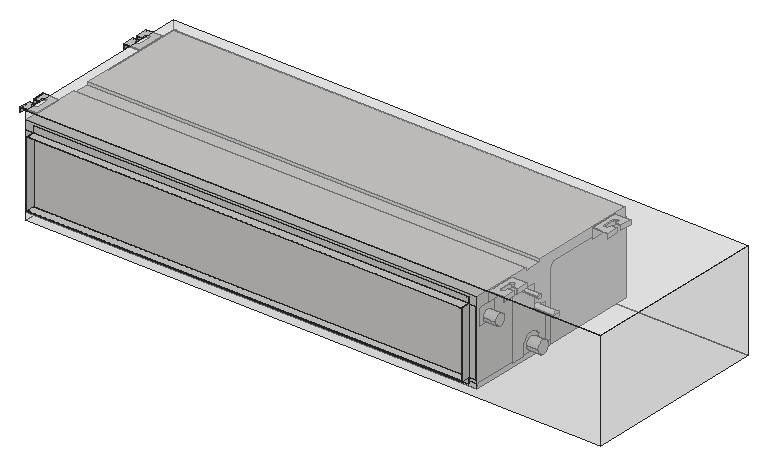
Revit family "outputfile", category 機械設備, Revit 2024
Family settings
  丸型コネクタ寸法 = 半径を使用
  パーツ タイプ = 標準
  OmniClass 番号 = 23.75.10.24.21.27.27
  OmniClass タイトル = Split System Air Conditioning Units
  作業面ベース = いいえ
  常に垂直 = はい
  ロード時にボイドで切り取り = いいえ
  注釈の向きを維持 = いいえ
  共有 = いいえ
  部屋計算ポイント = はい
Parameters (values of type "FXDQ63SPV1")
  Description = ""
  製造元 = "Daikin"
  書き出し IFC クラス(タイプ) = "IfcUnitaryEquipmentType"
  定義済み IFC タイプ(タイプ) = "AIRCONDITIONINGUNIT"
  Cost = 0
  モデル = "FXDQ63SPV1"
  Type Comments = ""
  Keynote = ""
  Type Image = (empty or 0)
  Assembly Code = ""
  w_pipe = 33.0 mm
  r_Liquid Pipe Size = Liquid Pipe Size / 2  # 4.75 mm
  r_Gas Pipe Size = Gas Pipe Size / 2  # 7.95 mm
  r_Drain Pipe Size = Drain Pipe Size / 2  # 10.0 mm
  lw_powersupply = 504.0 mm
  lw_ductflange2 = 1030.0 mm
  lw_clearancespace = 1400.0 mm
  lw_Width = 1060.0 mm
  lh_suctionflange [instance] = if(Rear Connection_Return Air, 100.0 mm, 190.0 mm)  # 100.0 mm
  lh_liquidpipe = 154.5 mm
  ld_suctionflange [instance] = if(Rear Connection_Return Air, 190.0 mm, 100.0 mm)  # 190.0 mm
  ld_powersupply = 60.0 mm
  angle_vertical_RA [instance] = if(Rear Connection_Return Air, 90.00°, 0.00°)  # 90.00°
  angle horizontal_RA [instance] = if(Rear Connection_Return Air, 180.00°, 270.00°)  # 180.00°
  Voltage_comment_50Hz = "220-240"
  Voltage_50Hz = 230 V
  URL = ""
  Supply Air Direction [instance] = yes
  Sound Power Level_H speed (dB) = 0
  Rear Connection_Return Air [instance] = not(Bottom Connection_Return Air)  # yes
  RA_length = 190.0 mm  # constant formula
  Phase_50Hz = 1
  Minimum External Static Pressure = 20.00 Pa
  Minimum Circuit Amps_50Hz = 1.2 A
  Maximum Fuse Amps_50Hz = 16.0 A
  Maximum External Static Pressure = 40.00 Pa
  Material_Casing = DAIKIN_GalvanizedSteel_Casing_indoorunit
  lw_liquidpipe = 39.2 mm  # constant formula
  lw_gaspipe = 50.6 mm  # constant formula
  lw_mountinghole_pitch = 1140.0 mm
  lw_mountinghole = 20.0 mm  # constant formula
  lw_drainpipe = 33.0 mm  # constant formula
  lh_powersupply = 10.0 mm
  lh_gaspipe = 102.0 mm
  lh_mountinghole = Height + [h***]  # 200.0 mm
  lh_drainpipe = 150.0 mm
  lh_antena = 1.0 mm  # constant formula
  ld_liquidpipe = 193.0 mm  # constant formula
  ld_gaspipe = 130.0 mm  # constant formula
  ld_mountinghole_pitch = 0.0 mm  # constant formula
  ld_drainpipe = 280.0 mm
  ld_controlbox = 626.0 mm  # constant formula
  h*** = 0.0 mm  # constant formula
  d_dischargeflange = 21.2 mm  # constant formula
  Width = 1100.0 mm
  Version = "ver.1.0"
  Unit Type = "Slim Duct (Standard) Type"
  Unit Mass Weight = 23.00 kg
  Unit Designation [instance] = ""
  Uniclass2015Version = "Products v1.30"
  Uniclass2015Title = "Variable refrigerant flow units"
  Uniclass2015Code = "Pr_70_65_03_94"
  Total Heating Capacity [instance] = 0.000 kW
  Total Cooling Capacity [instance] = 0.000 kW
  Sound Pressure Level_M speed (dBA) = 0
  Sound Pressure Level_L speed (dBA) = 33
  Sound Pressure Level_H speed (dBA) = 37
  Series = "VRV Fan Coil Unit"
  Sensible Cooling Capacity [instance] = 0.000 kW
  SA Duct Size Width = 1060.0 mm
  SA Duct Size Height = 160.0 mm
  Refrigerant Type = "R410A"
  RA Duct Size Width = 996.0 mm
  RA Duct Size Height = 172.0 mm
  Power Input (Heating) = 0.168 kW
  Power Input (Cooling) = 0.196 kW
  Option Accessory 3 [instance] = ""
  Option Accessory 2 [instance] = ""
  Option Accessory 1 [instance] = ""
  Nominal Heating Capacity = 8.000 kW
  Nominal Cooling Capacity = 7.100 kW
  Minimum Airflow = 750.00 m³/h
  Median Airflow = 960.00 m³/h
  Maximum Airflow = 1200.00 m³/h
  Load Classification = HVAC
  Liquid Pipe Size = 9.5 mm
  Link_Nested Family [instance] = ""
  IfcVersion = "0"
  IfcExportType = "AIRCONDITIONINGUNIT"
  IfcExportAs = "IfcUnitaryEquipmentType"
  Height = 200.0 mm
  Heating Entering Wet Bulb Temperature [instance] = 0.00 °C
  Heating Entering Dry Bulb Temperature [instance] = 0.00 °C
  Heating Ambient Wet Bulb Temperature [instance] = 0.00 °C
  Heating Ambient Dry Bulb Temperature [instance] = 0.00 °C
  Heat Exchanger Type = "Cross Fin Coil"
  Gas Pipe Size = 15.9 mm
  Frequency_50Hz = 50 Hz
  Fan Type = "Sirocco Fan"
  Fan Drive = "Direct Drive"
  FCU Tag No. [instance] = ""
  Drain Pipe Size = 20.0 mm
  Design Supply Airflow [instance] = 0.00 m³/h
  Design Return Airflow [instance] = 0.00 m³/h
  Design External Static Pressure [instance] = 0.00 Pa
  Depth = 450.0 mm
  既定の高さ = 0.0 mm
  Cooling Entering Wet Bulb Temperature [instance] = 0.00 °C
  Cooling Entering Dry Bulb Temperature [instance] = 0.00 °C
  Cooling Ambient Wet Bulb Temperature [instance] = 0.00 °C
  Cooling Ambient Dry Bulb Temperature [instance] = 0.00 °C
  Clearance visibility [instance] = yes
  Clearance Top = 20.0 mm
  Clearance Right = 300.0 mm
  Clearance Rear = 0.0 mm
  Clearance Left = 0.0 mm
  Clearance Front = 0.0 mm
  Clearance Bottom = 20.0 mm
  Bottom Connection_Return Air [instance] = no
Reference planes
  plane 1 "Center (Front/Back)": y = 0
  plane 2: z = 0
  plane 3 "Center (Left/Right)": x = 0
  plane 4 "Back": y = 225
  plane 5 "Front": y = -225
  plane 6 "Left": x = -550
  plane 7 "Right": x = 550
  plane 8 "Top": z = 0
  plane 9 "Bottom": z = -200
  plane 10: x = 330
  plane 11: x = -330
  plane 12: z = -190
  plane 13: z = -6
  plane 14: z = -22
  plane 15: z = -45.5
  plane 16: z = -98
  plane 17: x = -304
  plane 18: x = 304
  plane 19: x = -570
  plane 20: x = 570
  plane 21: y = 165
  plane 22: y = 165
  plane 23: x = -590
  plane 24: x = 390
  plane 25: x = 589.2
  plane 26: x = 600.6
  plane 27: x = 583
  plane 28: z = 0
  plane 29: z = -50
  plane 30 "Clearance Left": x = -550
  plane 31 "Clearance Right": x = 850
  plane 32 "Clearance Rear": y = 225
  plane 33 "Clearance Front": y = -225
  plane 34 "Clearance Top": z = 20
  plane 35 "Clearance Bottom": z = -220
  plane 36: z = -21
  plane 37: z = -170
  plane 38: z = -96.5
  plane 39: y = -46.5
  plane 40: y = -84
  plane 41: y = -197
  plane 42: y = 20
  plane 43: z = -97.5
  plane 44: y = -224
  plane 45: x = -549
  plane 46: z = -100
  plane 47: z = -30
  plane 48: y = 210
  plane 49: z = 301
  plane 50: z = -199
  plane 51: y = 35
  plane 52: z = -101
  plane 53: x = 580
  plane 54: x = 545
  plane 55: x = 555
  plane 56: x = 551
  plane 57: x = 479
  plane 58: x = 549.004
  plane 59: x = -549
  plane 60: x = 504
  plane 61: y = -157.5
  plane 62: y = 157.5
  plane 63: z = -98
  plane 64: z = -45.5
  plane 65: y = -62
  plane 66: y = 224
  plane 67: x = -35
  plane 68: x = 600.6
  plane 69: x = 589.2
Forms (mm)
  Extrusion 1, solid
    sketch origin (0, 0, 0) x (1, 0, 0) y (0, 0, 1)
      loop
        line (-550, -190) -> (-550, -200) -> (550, -200) -> (550, -190) -> (-550, -190)
    from 4.986 to 225
  Extrusion 2, solid, material "DAIKIN_GalvanizedSteel_Casing_indoorunit" <- "Material_Casing"
    sketch origin (0, 0, 0) x (1, 0, 0) y (0, 1, 0)
      loop
        line (-550, -225) -> (550, -225) -> (550, 225) -> (-550, 225) -> (-550, -225)
    from -200 to 0
  Extrusion 3, void
    sketch origin (0, 0, 1) x (1, 0, 0) y (0, 1, 0)
      loop
        line (-550, -36) -> (-550, -78) -> (550, -78) -> (550, -36) -> (-550, -36)
    from -1 to -7
  Revolve 4, solid, material "DAIKIN_GalvanizedSteel_Casing_indoorunit" <- "Material_Casing"
    sketch origin (0, 0, -98) x (0, -1, 0) y (1, 0, 0)
      loop
        line (38.55, 551) -> (46.5, 551) -> (46.5, 600.6) -> (38.55, 600.6) -> (38.55, 551)
      axis (46.5, 551) -> (46.5, 600.6)
    angle from 0 to 360
  Revolve 5, solid, material "DAIKIN_GalvanizedSteel_Casing_indoorunit" <- "Material_Casing"
    sketch origin (0.442, 0, -45.5) x (0, -1, 0) y (1, 0, 0)
      loop
        line (84, 551) -> (84, 588.758) -> (79.25, 588.758) -> (79.25, 551) -> (84, 551)
      axis (84, 588.758) -> (84, 551)
    angle from 0 to 360
  Extrusion 6, solid, material "DAIKIN_GalvanizedSteel_Casing_indoorunit" <- "Material_Casing"
    sketch origin (0, 0, -700) x (0, 1, 0) y (0, 0, 1)
      loop
        circle (-62, 530) r 15
    from 580 to 545
  Extrusion 7, solid, material "DAIKIN_GalvanizedSteel_Casing_indoorunit" <- "Material_Casing"
    sketch origin (0, 0, 0) x (0, 1, 0) y (0, 0, 1)
      loop
        line (-217.5, -66.5) -> (-176.5, -66.5) -> (-176.5, -25.5) -> (-217.5, -25.5) -> (-217.5, -66.5)
    from 550 to 551
  Extrusion 8, solid, material "DAIKIN_GalvanizedSteel_Casing_indoorunit" <- "Material_Casing"
    sketch origin (0, 0, 0) x (0, 1, 0) y (0, 0, 1)
      loop
        circle (-197, -50) r 13
    from 550 to 583
  Extrusion 9, solid, material "DAIKIN_GalvanizedSteel_Casing_indoorunit" <- "Material_Casing"
    sketch origin (0, 0, 0) x (1, 0, 0) y (0, 0, 1)
      loop
        line (-550, -190) -> (-550, -200) -> (550, -200) -> (550, -190) -> (-550, -190)
    from 4.986 to 225
  Extrusion 10, solid, material "DAIKIN_GalvanizedSteel_Casing_indoorunit" <- "Material_Casing", visible <- "Bottom Connection_Return Air"
    sketch origin (0, 0, 0) x (1, 0, 0) y (0, 0, 1)
      loop
        line (479, -200) -> (479, -1) -> (-549, -1) -> (-549, -200) -> (479, -200)
    from -225 to -224
  Extrusion 11, solid, material "DAIKIN_GalvanizedSteel_Casing_indoorunit" <- "Material_Casing", visible <- "Rear Connection_Return Air"
    sketch origin (0, 0, 0) x (1, 0, 0) y (0, 1, 0)
      loop
        line (-549, 225) -> (-549, 26) -> (479, 26) -> (479, 225) -> (-549, 225)
    from -200 to -199
  Extrusion 12, solid, material "DAIKIN_GalvanizedSteel_Casing_indoorunit" <- "Material_Casing"
    sketch origin (0, 0, 0) x (0, 1, 0) y (0, 0, 1)
      loop
        line (-1, -199) -> (225, -199) -> (225, -22) -> (193.393, -22) -> (192.179, -26.532) -> (123.882, -26.532) -> (121.769, -22) -> (6.769, -22) -> (-1, -29.769) -> (-1, -199)
    from 551 to 550
  Extrusion 13, solid, material "DAIKIN_GalvanizedSteel_Casing_indoorunit" <- "Material_Casing"
    sketch origin (0, 0, 0) x (0, 1, 0) y (0, 0, 1)
      loop
        line (-117, -45.5) -> (-117, -190) -> (-22, -190) -> (-22, -98) -> (-40.15, -98)
        arc (-40.15, -98) -> (-46.5, -104.35) -> (-52.85, -98) r 6.35
        line (-52.85, -98) -> (-52.85, -45.5) -> (-80.8, -45.5)
        arc (-80.8, -45.5) -> (-84, -48.7) -> (-87.2, -45.5) r 3.2
        line (-87.2, -45.5) -> (-117, -45.5)
    from 551 to 550
  Extrusion 14, void
    sketch origin (0, 0, 0) x (0, 1, 0) y (0, 0, 1)
      loop
        line (-87, -190) -> (-37, -190) -> (-37, -170)
        arc (-37, -170) -> (-62, -145) -> (-87, -170) r 25
        line (-87, -170) -> (-87, -190)
    from 550 to 551
  Extrusion 15, void
    sketch origin (0, 0, 0) x (1, 0, 0) y (0, 0, 1)
      loop
        line (-549, -1) -> (-549, -209.43) -> (479, -209.43) -> (479, -1) -> (-549, -1)
    from -225 to -26
Cuts and joins
  Extrusion 3, Extrusion 14, Extrusion 15 cuts Extrusion 2
  Extrusion 14, Extrusion 15 cuts Extrusion 9
  Extrusion 14 cuts Extrusion 13
Dimensions and locks
  "lh_powersupply": plane 12 to plane 9 "Bottom"
  locked: plane 8 "Top" to plane 13 at 6
  "Height": plane 8 "Top" to plane 9 "Bottom"
  equal spacing: plane 17, plane 3 "Center (Left/Right)", plane 18, locked at 304 each
  locked: plane 17 to plane 18 at 608
  equal spacing: plane 19, plane 3 "Center (Left/Right)", plane 20
  "lw_mountinghole_pitch": plane 19 to plane 20
  locked: plane 14 to plane 9 "Bottom" at 178
  "lw_mountinghole": plane 23 to plane 19
  locked: plane 15 to plane 9 "Bottom" at 154.5
  "lh_gaspipe": plane 16 to plane 9 "Bottom"
  "lh_mountinghole": plane 28 to plane 9 "Bottom"
  "ld_mountinghole_pitch": plane 22 to plane 21
  equal spacing: plane 6 "Left", plane 3 "Center (Left/Right)", plane 7 "Right"
  "Width": plane 6 "Left" to plane 7 "Right"
  "lh_drainpipe": plane 29 to plane 9 "Bottom"
  "Clearance Right": plane 7 "Right" to plane 31 "Clearance Right"
  "Clearance Left": plane 30 "Clearance Left" to plane 6 "Left"
  "lw_gaspipe": plane 7 "Right" to plane 26
  "lw_liquidpipe": plane 7 "Right" to plane 25
  "lw_drainpipe": plane 7 "Right" to plane 27
  "Clearance Rear": plane 32 "Clearance Rear" to plane 4 "Back"
  "Clearance Front": plane 5 "Front" to plane 33 "Clearance Front"
  "Clearance Top": plane 34 "Clearance Top" to plane 8 "Top"
  "Clearance Bottom": plane 9 "Bottom" to plane 35 "Clearance Bottom"
  "ld_powersupply": plane 4 "Back" to plane 22
  locked: plane 8 "Top" to plane 36 at 21
  locked: plane 8 "Top" to plane 37 at 170
  locked: plane 40 to plane 39 at 37.5
  locked: plane 38 to plane 9 "Bottom" at 103.5
  locked: plane 36 to plane 43 at 76.5
  "Depth": plane 4 "Back" to plane 5 "Front"
  equal spacing: plane 4 "Back", plane 1 "Center (Front/Back)", plane 5 "Front"
  locked: plane 44 to plane 5 "Front" at 1
  locked: plane 45 to plane 6 "Left" at 1
  Extrusion 10 sketch curve to Extrusion 10 sketch curve = 199.0 mm
  locked: plane 12 to plane 46 at 90
  plane 32 "Clearance Rear" to Extrusion 10 = 1.0 mm
  locked: plane 47 to plane 35 "Clearance Bottom" at 190
  plane 48 to nested 12 = 1.0 mm
  plane 49 to plane 28 = 301.0 mm
  locked: plane 50 to plane 9 "Bottom" at 1
  "ld_suctionflange": plane 4 "Back" to plane 51
  locked: plane 52 to plane 9 "Bottom" at 99
  locked: plane 7 "Right" to plane 53 at 30
  locked: plane 54 to plane 7 "Right" at 5
  locked: plane 7 "Right" to plane 55 at 5
  locked: plane 7 "Right" to plane 56 at 1
  locked: plane 7 "Right" to plane 57 at 71
  locked: plane 7 "Right" to plane 58 at 0.996
  locked: plane 59 to plane 6 "Left" at 1
  "lw_powersupply": plane 3 "Center (Left/Right)" to plane 60
  "r_Gas Pipe Size": nested 6 to Revolve 4 sketch curve
  "r_Liquid Pipe Size": nested 5 to Revolve 5 sketch curve
  locked: plane 61 to plane 33 "Clearance Front" at 67.5
  locked: plane 62 to plane 61 at 315
  locked: plane 33 "Clearance Front" to plane 41 at 28
  plane 33 "Clearance Front" to plane 40 = 141.0 mm
  locked: Extrusion 7 sketch curve to Extrusion 7 sketch curve at 41  (x2)
  locked: plane 8 "Top" to plane 64 at 45.5
  plane 64 to plane 63 = 52.5 mm
  locked: plane 33 "Clearance Front" to plane 65 at 163
  plane 33 "Clearance Front" to cut or joined group of Extrusion 2, Extrusion 3, Extrusion 14, Extrusion 15 = 147.0 mm
  nested 12 to plane 67 = 498.0 mm
  "ld_suctionflange": plane 4 "Back" to nested 14
  locked: plane 7 "Right" to plane 68 at 50.6
  locked: plane 7 "Right" to plane 69 at 39.2
  nested 14 to plane 9 "Bottom" = 100.0 mm
  aligned and locked: level to plane 2
  aligned and locked: Extrusion 2 to plane 9 "Bottom"
  aligned and locked: plane 8 "Top" to Extrusion 2
  aligned and locked: Revolve 4 sketch curve to Revolve 4 sketch curve
  aligned and locked: Extrusion 8 to plane 27
  aligned and locked: plane 20 to nested 2
  aligned and locked: plane 19 to nested 3
  aligned and locked: plane 19 to nested 4
  aligned and locked: plane 29 to nested 7
  aligned and locked: Extrusion 8 to nested 7
  aligned and locked: nested 7 to plane 27
  aligned and locked: nested 10 to plane 12
  aligned and locked: Extrusion 9 to plane 5 "Front"
  aligned and locked: Extrusion 9 to plane 9 "Bottom"
  aligned and locked: nested 6 to plane 16
  aligned and locked: nested 8 to plane 44
  aligned and locked: plane 39 to nested 6
  aligned and locked: plane 41 to nested 7
  aligned and locked: Extrusion 11 to nested 12
  aligned and locked: plane 8 "Top" to Extrusion 3
  aligned and locked: plane 9 "Bottom" to Extrusion 11  (x2)
  aligned and locked: Extrusion 11 to plane 50
  aligned and locked: plane 4 "Back" to nested 11
  aligned and locked: plane 32 "Clearance Rear" to nested 13  (x2)
  aligned and locked: nested 13 to plane 33 "Clearance Front"
  aligned and locked: nested 13 to plane 34 "Clearance Top"  (x2)
  aligned and locked: nested 13 to plane 35 "Clearance Bottom"  (x2)
  aligned and locked: plane 4 "Back" to Extrusion 12
  aligned and locked: Extrusion 12 to plane 50
  aligned and locked: plane 7 "Right" to Extrusion 12  (x2)
  aligned and locked: Extrusion 3 to plane 13
  aligned and locked: plane 52 to nested 8
  aligned and locked: plane 7 "Right" to cut or joined group of Extrusion 2, Extrusion 3, Extrusion 14, Extrusion 15
  aligned and locked: Extrusion 6 to plane 54
  aligned and locked: Extrusion 6 to plane 53
  aligned and locked: Extrusion 12 to plane 56
  aligned and locked: Extrusion 7 to plane 56
  aligned and locked: Extrusion 7 to plane 7 "Right"
  aligned and locked: Extrusion 8 to plane 7 "Right"
  aligned and locked: plane 3 "Center (Left/Right)" to nested 15
  aligned and locked: plane 13 to nested 15
  aligned and locked: nested 10 to plane 60
  aligned and locked: plane 20 to nested 1
  aligned and locked: plane 33 "Clearance Front" to nested 15
  aligned and locked: plane 4 "Back" to nested 10
  aligned and locked: Extrusion 2 to plane 5 "Front"
  aligned and locked: plane 3 "Center (Left/Right)" to nested 9
  aligned and locked: nested 9 to plane 1 "Center (Front/Back)"
  aligned and locked: plane 61 to nested 16
  aligned and locked: nested 17 to plane 62
  aligned and locked: nested 19 to plane 61
  aligned and locked: nested 19 to plane 6 "Left"
  aligned and locked: nested 18 to plane 62
  aligned and locked: nested 18 to plane 6 "Left"
  aligned and locked: plane 8 "Top" to nested 19
  aligned and locked: plane 8 "Top" to nested 18
  aligned and locked: plane 8 "Top" to nested 16
  aligned and locked: plane 8 "Top" to nested 17
  aligned and locked: plane 64 to Revolve 5
  aligned and locked: plane 63 to Revolve 4
  aligned and locked: plane 7 "Right" to Extrusion 13
  aligned and locked: plane 56 to Extrusion 13
  aligned and locked: plane 64 to Extrusion 13  (x2)
  aligned and locked: plane 63 to Extrusion 13
  aligned and locked: Extrusion 13 to plane 12
  aligned and locked: plane 56 to cut or joined group of Extrusion 2, Extrusion 3, Extrusion 14, Extrusion 15
  aligned and locked: cut or joined group of Extrusion 2, Extrusion 3, Extrusion 14, Extrusion 15 to plane 7 "Right"
  aligned and locked: Extrusion 6 sketch curve to plane 65
  aligned and locked: plane 37 to Extrusion 6
  aligned and locked: nested 12 to plane 59
  aligned and locked: plane 4 "Back" to Extrusion 15
  aligned and locked: nested 11 to plane 59
  aligned and locked: Extrusion 11 to plane 57
  aligned and locked: Extrusion 10 to plane 59
  aligned and locked: Extrusion 10 to plane 57
  aligned and locked: plane 67 to nested 14
  aligned and locked: nested 11 to plane 50
  aligned and locked: plane 40 to nested 5
  aligned and locked: nested 5 to plane 64
  aligned and locked: plane 31 "Clearance Right" to nested 13
  aligned and locked: plane 7 "Right" to nested 16
  aligned and locked: plane 7 "Right" to nested 17
  aligned and locked: nested 1 to plane 62
  aligned and locked: nested 2 to plane 61
  aligned and locked: nested 3 to plane 61
  aligned and locked: nested 4 to plane 62
  aligned and locked: Revolve 4 to plane 68
  aligned and locked: plane 68 to nested 6
  aligned and locked: Revolve 5 to plane 69
  aligned and locked: plane 69 to nested 5
  aligned and locked: level to plane 8 "Top"
  aligned and locked: plane 16 to plane 63
Automatic sketch dimensions
  Extrusion 1 sketch curve to plane 6 "Left" = 0.0 mm
  Extrusion 1 sketch curve to plane 7 "Right" = 0.0 mm
  Extrusion 1 sketch curve to plane 9 "Bottom" = 0.0 mm
  Extrusion 1 sketch curve to plane 12 = 0.0 mm
  Extrusion 2 sketch curve to plane 4 "Back" = 0.0 mm
  Extrusion 2 sketch curve to plane 6 "Left" = 0.0 mm
  Extrusion 2 sketch curve to plane 7 "Right" = 0.0 mm
  Extrusion 2 sketch curve to plane 44 = 1.0 mm
  Extrusion 3 sketch curve to plane 6 "Left" = 0.0 mm
  Extrusion 3 sketch curve to plane 7 "Right" = 0.0 mm
  plane 1 "Center (Front/Back)" to Extrusion 3 sketch curve = 78.0 mm
  Extrusion 3 sketch curve to plane 42 = 56.0 mm
  Extrusion 6 sketch curve to plane 37 = 0.0 mm
  Extrusion 8 sketch curve to plane 41 = 0.0 mm
  Extrusion 9 sketch curve to plane 6 "Left" = 0.0 mm
  Extrusion 9 sketch curve to plane 7 "Right" = 0.0 mm
  Extrusion 9 sketch curve to plane 9 "Bottom" = 0.0 mm
  Extrusion 9 sketch curve to plane 12 = 0.0 mm
  Extrusion 11 sketch curve to plane 45 = 0.0 mm
  Extrusion 11 sketch curve to plane 4 "Back" = 0.0 mm
  plane 18 to Extrusion 11 sketch curve = 175.0 mm
  plane 42 to Extrusion 11 sketch curve = 6.0 mm
  Revolve 4 sketch curve to plane 26 = 0.0 mm
  Revolve 4 sketch curve to plane 39 = 0.0 mm
  Revolve 4 sketch curve to Revolve 4 sketch curve = 1.003 mm
  plane 26 to Revolve 4 sketch curve = 1.003 mm
  plane 15 to Extrusion 7 sketch curve = 20.0 mm
  plane 44 to Extrusion 7 sketch curve = 6.5 mm
  Extrusion 8 sketch curve to plane 29 = 0.0 mm
  Revolve 4 sketch curve to plane 56 = 0.0 mm
  Extrusion 13 sketch curve to plane 64 = 0.0 mm
  Extrusion 13 sketch curve to plane 12 = 0.0 mm
  Extrusion 13 sketch curve to plane 40 = 0.0 mm
  Extrusion 13 sketch curve to plane 63 = 0.0 mm
  Extrusion 13 sketch curve to plane 39 = 0.0 mm
  Extrusion 13 sketch curve to Extrusion 13 sketch curve = 3.2 mm
  Extrusion 13 sketch curve to Extrusion 13 sketch curve = 29.8 mm
  Extrusion 13 sketch curve to plane 39 = 6.35 mm
  Extrusion 13 sketch curve to Extrusion 13 sketch curve = 18.15 mm
  Extrusion 14 sketch curve to plane 12 = 0.0 mm
  Extrusion 14 sketch curve to plane 37 = 0.0 mm
  Extrusion 14 sketch curve to plane 65 = 0.0 mm
  Extrusion 14 sketch curve to plane 40 = 3.0 mm
  plane 45 to Extrusion 10 sketch curve = 0.0 mm
  Extrusion 10 sketch curve to plane 50 = 1.0 mm
  plane 45 to Extrusion 15 sketch curve = 0.0 mm
  plane 57 to Extrusion 15 sketch curve = 0.0 mm
  Extrusion 15 sketch curve to plane 9 "Bottom" = 9.43 mm
  Extrusion 15 sketch curve to plane 8 "Top" = 1.0 mm
  plane 57 to Extrusion 10 sketch curve = 0.0 mm
  Extrusion 12 sketch curve to plane 50 = 0.0 mm
  Extrusion 12 sketch curve to plane 14 = 0.0 mm  (x2)
  Extrusion 12 sketch curve to plane 4 "Back" = 0.0 mm
  plane 47 to Extrusion 12 sketch curve = 3.468 mm
  Extrusion 12 sketch curve to plane 48 = 17.821 mm
  Extrusion 12 sketch curve to plane 62 = 33.618 mm
  Extrusion 12 sketch curve to Extrusion 12 sketch curve = 2.113 mm
  Extrusion 12 sketch curve to plane 1 "Center (Front/Back)" = 6.769 mm
  plane 1 "Center (Front/Back)" to Extrusion 12 sketch curve = 1.0 mm
  plane 47 to Extrusion 12 sketch curve = 0.231 mm
  Extrusion 12 sketch curve to Extrusion 12 sketch curve = 1.214 mm
  Revolve 5 sketch curve to plane 40 = 0.0 mm  (x2)
  plane 25 to Revolve 5 sketch curve = 0.442 mm
  plane 56 to Revolve 5 sketch curve = 0.442 mm  (x2)
  Revolve 5 sketch curve to plane 25 = 0.0 mm
  radius of Extrusion 6 sketch curve = 15.0 mm
  radius of Extrusion 8 sketch curve = 13.0 mm
Nested families
  nested 1: "daikin_mountinghole" at (570, 157.5, -200), l_antenna <- "lh_antena", Link_Nested Family <- "Link_Nested Family", h_mountinghole <- "lh_mountinghole", type "daikin_mountinghole"
    with show yes, l_antenna 1.0 mm, h_mountinghole 200.0 mm, Link_Nested Family ""
  nested 2: "daikin_mountinghole" at (570, -157.5, -200), Link_Nested Family <- "Link_Nested Family", l_antenna <- "lh_antena", h_mountinghole <- "lh_mountinghole", type "daikin_mountinghole"
    with show yes, l_antenna 1.0 mm, h_mountinghole 200.0 mm, Link_Nested Family ""
  nested 3: "daikin_mountinghole" at (-570, -157.5, -200), l_antenna <- "lh_antena", Link_Nested Family <- "Link_Nested Family", h_mountinghole <- "lh_mountinghole", type "daikin_mountinghole"
    with show yes, l_antenna 1.0 mm, h_mountinghole 200.0 mm, Link_Nested Family ""
  nested 4: "daikin_mountinghole" at (-570, 157.5, -200), l_antenna <- "lh_antena", Link_Nested Family <- "Link_Nested Family", h_mountinghole <- "lh_mountinghole", type "daikin_mountinghole"
    with show yes, l_antenna 1.0 mm, h_mountinghole 200.0 mm, Link_Nested Family ""
  nested 5: "daikin_connector_rotate2" at (550, -84, -45.5) x (0, 1, 0) z (0, 0, 1), length <- "lw_liquidpipe", radius <- "r_Liquid Pipe Size", built-in parameter 1001364 <- "lh_liquidpipe", type "daikin_connector_rotate2"
    with radius 4.75 mm, length 39.2 mm, angle_vertical 90.00°, show_face no
  nested 6: "daikin_connector_rotate2" at (550, -46.5, -98) x (0, 1, 0) z (0, 0, 1), length <- "lw_gaspipe", built-in parameter 1001364 <- "lh_gaspipe", radius <- "r_Gas Pipe Size", type "daikin_connector_rotate2"
    with radius 7.95 mm, length 50.6 mm, angle_vertical 90.00°, show_face no
  nested 7: "daikin_connector_rotate2" at (550, -197, -50) x (0, 1, 0) z (0, 0, 1), built-in parameter 1001364 <- "lh_drainpipe", length <- "lw_drainpipe", radius <- "r_Drain Pipe Size", type "daikin_connector_rotate2"
    with radius 10.0 mm, length 33.0 mm, angle_vertical 90.00°, show_face no
  nested 8: "daikin_connector_rotate2" at (0, -224, -101), length <- "d_dischargeflange", type "daikin_connector_rotate2"
    with radius 10.0 mm, length 21.2 mm, angle_vertical 90.00°, show_face no
  nested 9: "daikin_△_symbolicline" at (-50, -86.603, 200) x (-0.5, 0.866, 0) z (0, 0, 1), built-in parameter 1001364 <- "Height", visible <- "Supply Air Direction", type "daikin_△_symbolicline"
    with length 200.0 mm
  nested 10: "daikin_connector_rotate2" at (504, 165, -190) x (-1, 0, 0) z (0, 0, 1), built-in parameter 1001364 <- "lw_powersupply", length <- "ld_powersupply", type "daikin_connector_rotate2"
    with radius 10.0 mm, length 60.0 mm, angle_vertical 90.00°, show_face no
  nested 11: "daikin_ductflange_FXDQ-SPV1_2" at (-35, 225, -100), visible <- "Rear Connection_Return Air", material <- "Material_Casing", width <- "lw_ductflange2", type "daikin_ductflange_FXDQ-SPV1_2"
    with width 1030.0 mm, material DAIKIN_GalvanizedSteel_Casing_indoorunit, height 180.0 mm, depth 21.2 mm
  nested 12: "daikin_ductflange_FXDQ-SPV1_2" at (-35, 125, -200) x (1, 0, 0) z (0, 1, 0), visible <- "Bottom Connection_Return Air", material <- "Material_Casing", width <- "lw_ductflange2", type "daikin_ductflange_FXDQ-SPV1_2"
    with width 1030.0 mm, material DAIKIN_GalvanizedSteel_Casing_indoorunit, height 180.0 mm, depth 21.2 mm
  nested 13: "daikin_clearancespace" at (150, 0, -99.881), visible <- "Clearance visibility", show <- "Clearance visibility", width <- "lw_clearancespace", Link_Nested Family <- "Link_Nested Family", type "daikin_clearancespace"
    with width 1400.0 mm, show yes, height 240.0 mm, depth 450.0 mm, Link_Nested Family ""
  nested 14: "daikin_connector_rotate3" at (-35, 35, -100), built-in parameter 1001364 <- "lh_suctionflange", angle_vertical <- "angle_vertical_RA", angle_horizontal <- "angle horizontal_RA", length <- "RA_length", type "daikin_connector_rotate3"
    with show no, radius 10.0 mm, length 190.0 mm, angle_vertical 90.00°, angle_horizontal 180.00°
  nested 15: "daikin_ductflange_FXDQ-SPV1_1" at (0, 88.5, -371.201), width <- "lw_Width", material <- "Material_Casing", type "daikin_ductflange_FXDQ-SPV1_1"
    with width 1060.0 mm, material DAIKIN_GalvanizedSteel_Casing_indoorunit, height 162.0 mm, depth 21.2 mm
  nested 16: "daikin_hangerfixture_FXDQ-SPV1" at (550, -157.5, 0) x (0, 1, 0) z (0, 0, 1), type "daikin_hangerfixture_FXDQ-SPV1"
  nested 17: "daikin_hangerfixture_FXDQ-SPV1" at (550, 157.5, 0) x (0, 1, 0) z (0, 0, 1), type "daikin_hangerfixture_FXDQ-SPV1"
  nested 18: "daikin_hangerfixture_FXDQ-SPV1" at (-550, 157.5, 0) x (0, -1, 0) z (0, 0, 1), type "daikin_hangerfixture_FXDQ-SPV1"
  nested 19: "daikin_hangerfixture_FXDQ-SPV1" at (-550, -157.5, 0) x (0, -1, 0) z (0, 0, 1), type "daikin_hangerfixture_FXDQ-SPV1"
Connectors
  piping at (600.6, -46.5, -98), diameter 15.9, driven by "r_Gas Pipe Size"
    settings: on nested 6, index 1, connector inside diameter 609.6 mm, connector length 0.0 mm, flow factor 0, pipe flow 0.00 m³/h, pressure drop 0.0 Pa, fitting loss kfactor 0, connector angle 0.00°, fixture units 0, engagement length 0.0 mm, angle of deflection 0.00°, flow configuration 1, flow direction 2, fitting loss method 0, system type 29, joint type 0, gender type 0, connector reference index -1, connector utility 0, adjustable connector no, is connector primary yes, connector description "Refrigerant Gas Piping"
  piping at (589.2, -84, -45.5), diameter 9.5, driven by "r_Liquid Pipe Size"
    settings: on nested 5, index 2, connector inside diameter 609.6 mm, connector length 0.0 mm, flow factor 0, pipe flow 0.00 m³/h, pressure drop 0.0 Pa, fitting loss kfactor 0, connector angle 0.00°, fixture units 0, engagement length 0.0 mm, angle of deflection 0.00°, flow configuration 1, flow direction 1, fitting loss method 0, system type 29, joint type 0, gender type 0, connector reference index -1, connector utility 0, adjustable connector no, is connector primary no, connector description "Refrigerant Liquid Piping"
  piping at (583, -197, -50), diameter 20, driven by "r_Drain Pipe Size"
    settings: on nested 7, index 3, connector inside diameter 609.6 mm, connector length 0.0 mm, flow factor 0, pipe flow 0.00 m³/h, pressure drop 0.0 Pa, fitting loss kfactor 0, connector angle 0.00°, fixture units 0, engagement length 0.0 mm, angle of deflection 0.00°, flow configuration 1, flow direction 2, fitting loss method 4, system type 16, joint type 0, gender type 0, connector reference index -1, connector utility 0, adjustable connector no, is connector primary no, connector description "Condensate Drain Piping"
  hvac at (0, -245.2, -101), driven by "SA Duct Size Height", driven by "SA Duct Size Width"
    settings: on nested 8, index 7, duct flow 0.00 m³/h, flow factor 0, pres drop 0.00 Pa, loss coef 0, conn angle 0.00°, conn width 1060.0 mm, conn height 160.0 mm, conn diameter 609.6 mm, duct sys type 1, conn prof type 1, flow config 0, flow direction 2, loss method 4, conn ref index -1, conn util no, is conn primary yes, conn desc "SA Duct"
  electrical at (504, 225, -190), driven by "Load Classification"
    settings: on nested 10, index 9, voltage 0 V, apparent load 0 VA, apparent load phase1 0 VA, apparent load phase2 0 VA, apparent load phase3 0 VA, power factor 1, load classification "HVAC", number of poles 1, system type 30, power factor state 1, is connector primary yes, connector utility no, sub classification motor no, connector description "Power Supply"
  hvac at (-35, 225, -100), driven by "RA Duct Size Height", driven by "RA Duct Size Width"
    settings: on nested 14, index 10, duct flow 0.00 m³/h, flow factor 0, pres drop 0.00 Pa, loss coef 0, conn angle 0.00°, conn width 996.0 mm, conn height 172.0 mm, conn diameter 609.6 mm, duct sys type 2, conn prof type 1, flow config 0, flow direction 1, loss method 4, conn ref index -1, conn util no, is conn primary no, conn desc "RA Duct"
Definition of nested family "daikin_ductflange_FXDQ-SPV1_2"
  Parameters (values of type "daikin_ductflange_FXDQ-PDVE2")
    width [instance] = 630.0 mm
    material [instance] = none
    height [instance] = 186.0 mm
    depth [instance] = 21.2 mm
    Default Elevation = 0.0 mm
  Reference planes
    plane 1 "Center (Front/Back)": y = 0
    plane 2: z = 0
    plane 3 "Center (Left/Right)": x = 0
    plane 4: y = -313.5
    plane 5: y = -334.7
    plane 6: x = -315
    plane 7: x = 315
    plane 8: z = 86
    plane 9: z = -86
    plane 10: z = 100
    plane 11: z = -100
    plane 12: x = -314
    plane 13: x = 314
  Forms (mm)
    Extrusion 1, solid, material <- "material"
      sketch origin (0, 0, 0) x (1, 0, 0) y (0, 0, 1)
        loop
          line (-298, 86) -> (-298, -86) -> (298, -86) -> (298, 86) -> (-298, 86)
        loop
          line (-314, -99) -> (314, -99) -> (314, 99) -> (-314, 99) -> (-314, -99)
      from 0 to 1
  Dimensions and locks
    plane 4 to plane 1 "Center (Front/Back)" = 313.5 mm
    "depth": plane 5 to plane 4
    equal spacing: plane 7, plane 3 "Center (Left/Right)", plane 6
    "width": plane 7 to plane 6
    equal spacing: plane 10, level, plane 11, locked at 100 each
    locked: plane 10 to plane 11 at 200
    plane 12 to plane 6 = 1.0 mm
    locked: plane 7 to plane 13 at 1
    plane 10 to Extrusion 1 sketch curve = 1.0 mm
    Extrusion 1 sketch curve to plane 11 = 1.0 mm
    locked: Extrusion 1 sketch curve to Extrusion 1 sketch curve at 13  (x2)
    locked: Extrusion 1 sketch curve to Extrusion 1 sketch curve at 16  (x2)
    locked: plane 10 to plane 8 at 14
    locked: plane 9 to plane 11 at 14
    plane 8 to plane 2 to plane 9 = 86.0 mm, 86.0 mm
    plane 8 to plane 9 = 172.0 mm
    aligned and locked: level to plane 2
  Automatic sketch dimensions
    plane 6 to Extrusion 1 sketch curve = 1.0 mm
    Extrusion 1 sketch curve to plane 7 = 1.0 mm
Definition of nested family "daikin_clearancespace"
  Parameters (values of type "daikin_clearancespace")
    width [instance] = 1823.963 mm
    show [instance] = yes
    material = none
    height [instance] = 1359.762 mm
    depth [instance] = 880.0 mm
    Default Elevation = 0.0 mm
    Link_Nested Family [instance] = ""
  Reference planes
    plane 1 "Center (Front/Back)": y = 0
    plane 2 "Center (Elevation)": z = -0.119
    plane 3 "Center (Left/Right)": x = 0
    plane 4: y = 440
    plane 5: y = -440
    plane 6 "Right": x = 911.982
    plane 7 "Left": x = -911.982
    plane 8 "Top": z = 679.762
    plane 9 "Bottom": z = -680
  Forms (mm)
    Extrusion 1, solid, material <- "material", visible <- "show"
      sketch origin (0, 0, 0) x (1, 0, 0) y (0, 1, 0)
        loop
          line (-911.982, 440) -> (-911.982, -440) -> (911.982, -440) -> (911.982, 440) -> (-911.982, 440)
      from -680 to 679.762
  Lines and regions (mm)
    symbolic lines, visible <- "show"
      curve 1: line (911.982, 440, 0) -> (-911.982, 440, 0)
      curve 2: line (-911.982, 440, 0) -> (-911.982, -440, 0)
      curve 3: line (-911.982, -440, 0) -> (911.982, -440, 0)
      curve 4: line (911.982, -440, 0) -> (911.982, 440, 0)
      curve 5: line (911.982, 0, 679.762) -> (-911.982, 0, 679.762)
      curve 6: line (911.982, 0, -680) -> (911.982, 0, 679.762)
      curve 7: line (-911.982, 0, -680) -> (911.982, 0, -680)
      curve 8: line (-911.982, 0, 679.762) -> (-911.982, 0, -680)
      curve 9: line (0, 440, 679.762) -> (0, -440, 679.762)
      curve 10: line (0, -440, 679.762) -> (0, -440, -680)
      curve 11: line (0, 440, -680) -> (0, 440, 679.762)
      curve 12: line (0, -440, -680) -> (0, 440, -680)
  Dimensions and locks
    "width": plane 7 "Left" to plane 6 "Right"
    "depth": plane 4 to plane 5
    "height": plane 8 "Top" to plane 9 "Bottom"
    equal spacing: plane 7 "Left", plane 3 "Center (Left/Right)", plane 6 "Right"
    equal spacing: plane 4, plane 1 "Center (Front/Back)", plane 5
    equal spacing: plane 8 "Top", plane 2 "Center (Elevation)", plane 9 "Bottom"
    aligned and locked: level to plane 2 "Center (Elevation)"
    aligned and locked: Extrusion 1 sketch curve to plane 4
    aligned and locked: plane 7 "Left" to Extrusion 1 sketch curve
    aligned and locked: Extrusion 1 sketch curve to plane 5
    aligned and locked: Extrusion 1 sketch curve to plane 6 "Right"
    aligned and locked: plane 8 "Top" to Extrusion 1
    aligned and locked: curve 1 to Extrusion 1
    aligned and locked: curve 2 to Extrusion 1
    aligned and locked: curve 3 to Extrusion 1
    aligned and locked: curve 4 to Extrusion 1
    aligned and locked: curve 5 to Extrusion 1
    aligned and locked: curve 6 to Extrusion 1
    aligned and locked: curve 7 to Extrusion 1
    aligned and locked: curve 8 to Extrusion 1
    aligned and locked: curve 9 to Extrusion 1
    aligned and locked: curve 10 to Extrusion 1
    aligned and locked: curve 11 to Extrusion 1
    aligned and locked: curve 12 to Extrusion 1
    aligned and locked: Extrusion 1 to plane 9 "Bottom"
Definition of nested family "daikin_ductflange_FXDQ-SPV1_1"
  Parameters (values of type "daikin_ductflange_FXDQ-PDVE")
    width [instance] = 862.0 mm
    material [instance] = none
    height [instance] = 162.0 mm
    depth [instance] = 21.2 mm
    Default Elevation = 0.0 mm
  Reference planes
    plane 1 "Center (Front/Back)": y = 0
    plane 2: z = 189.201
    plane 3 "Center (Left/Right)": x = 0
    plane 4: y = -313.5
    plane 5: x = -431
    plane 6: x = 431
    plane 7: y = -334.7
    plane 8: z = 351.201
    plane 9: z = 270.201
    plane 10: z = 350.201
    plane 11: z = 190.201
  Forms (mm)
    Extrusion 1, solid, material <- "material"
      sketch origin (0, 0, 189.201) x (1, 0, 0) y (0, 1, 0)
        loop
          line (-431, -334.7) -> (-431, -313.5) -> (-449, -313.5) -> (-449, -314.5) -> (-432, -314.5) -> (-432, -334.7) -> (-431, -334.7)
        loop
          line (431, -334.7) -> (432, -334.7) -> (432, -314.5) -> (449, -314.5) -> (449, -313.5) -> (431, -313.5) -> (431, -334.7)
      from 1 to 161
    Extrusion 2, solid, material <- "material"
      sketch origin (0, 0, 0) x (0, 1, 0) y (0, 0, 1)
        loop
          line (-313.5, 350.201) -> (-313.5, 365.201) -> (-314.5, 365.201) -> (-314.5, 351.201) -> (-334.7, 351.201) -> (-334.7, 350.201) -> (-313.5, 350.201)
        loop
          line (-313.5, 190.201) -> (-334.7, 190.201) -> (-334.7, 189.201) -> (-314.5, 189.201) -> (-314.5, 175.201) -> (-313.5, 175.201) -> (-313.5, 190.201)
      from -431 to 431
  Dimensions and locks
    plane 4 to plane 1 "Center (Front/Back)" = 313.5 mm
    "depth": plane 7 to plane 4
    equal spacing: plane 8, plane 9, level, locked at 81 each
    "height": plane 8 to level
    equal spacing: plane 6, plane 3 "Center (Left/Right)", plane 5
    "width": plane 6 to plane 5
    plane 5 to plane 6 = 862.0 mm
    locked: plane 8 to plane 10 at 1
    locked: plane 11 to level at 1
    locked: Extrusion 1 to Extrusion 2 sketch curve at 1
    locked: Extrusion 2 sketch curve to Extrusion 1 at 1
    locked: Extrusion 1 sketch curve to Extrusion 1 sketch curve at 1
    locked: Extrusion 1 sketch curve to plane 5 at 18
    locked: Extrusion 1 to plane 5 at 18
    locked: plane 6 to Extrusion 1 at 18
    locked: plane 5 to Extrusion 1 at 18
    locked: Extrusion 1 to plane 6 at 18
    aligned and locked: level to plane 2
    aligned and locked: Extrusion 2 to plane 5
    aligned and locked: Extrusion 2 to plane 11
    aligned and locked: Extrusion 2 to plane 10
    aligned and locked: plane 6 to Extrusion 2
    aligned and locked: plane 5 to Extrusion 2  (x2)
    aligned and locked: plane 5 to Extrusion 1  (x2)
    aligned and locked: Extrusion 1 to plane 6
    aligned and locked: plane 6 to Extrusion 1
  Automatic sketch dimensions
    Extrusion 1 sketch curve to plane 4 = 0.0 mm  (x2)
    Extrusion 1 sketch curve to plane 7 = 0.0 mm  (x2)
    plane 5 to Extrusion 1 sketch curve = 0.0 mm
    Extrusion 1 sketch curve to plane 5 = 1.0 mm
    plane 6 to Extrusion 1 sketch curve = 1.0 mm
    Extrusion 2 sketch curve to plane 7 = 0.0 mm  (x2)
    Extrusion 2 sketch curve to plane 4 = 0.0 mm  (x2)
    Extrusion 2 sketch curve to plane 11 = 0.0 mm
    Extrusion 2 sketch curve to plane 10 = 0.0 mm
    Extrusion 2 sketch curve to plane 4 = 1.0 mm  (x2)
    Extrusion 2 sketch curve to level = 14.0 mm
    plane 8 to Extrusion 2 sketch curve = 14.0 mm
    Extrusion 1 sketch curve to Extrusion 1 sketch curve = 17.0 mm
    Extrusion 1 sketch curve to plane 4 = 1.0 mm
    Extrusion 1 sketch curve to plane 6 = 0.0 mm
Definition of nested family "daikin_hangerfixture_FXDQ-SPV1"
  Parameters (values of type "daikin_hangerfixture_FXDQ-SPV1")
    width = 700.0 mm
    material = none
    height = 30.0 mm
    depth = 619.0 mm
    Default Elevation = 0.0 mm
  Reference planes
    plane 1 "Center (Front/Back)": y = 0
    plane 2: z = 0
    plane 3 "Center (Left/Right)": x = 0
    plane 4: x = -34
    plane 5: x = 34
    plane 6: y = -39.5
    plane 7: z = -24.5
  Forms (mm)
    Extrusion 1, solid, material <- "material"
      sketch origin (0, 0, 0) x (0, 1, 0) y (0, 0, 1)
        loop
          line (0, 0) -> (-39.5, 0) -> (-39.5, -11) -> (-38, -11) -> (-38, -1.5) -> (-1.5, -1.5) -> (-1.5, -24.5) -> (0, -24.5) -> (0, 0)
      from -34 to 34
    Extrusion 2, void
      sketch origin (0, 0, 0) x (1, 0, 0) y (0, 1, 0)
        loop
          line (6.5, -39.5) -> (6.5, -26.5) -> (12.5, -26.5)
          arc (12.5, -26.5) -> (18.5, -20.5) -> (12.5, -14.5) r 6
          line (12.5, -14.5) -> (-12.5, -14.5)
          arc (-12.5, -14.5) -> (-18.5, -20.5) -> (-12.5, -26.5) r 6
          line (-12.5, -26.5) -> (-6.5, -26.5) -> (-6.5, -39.5) -> (6.5, -39.5)
      from -70.244 to 68
  Cuts and joins
    Extrusion 2 cuts Extrusion 1
  Dimensions and locks
    equal spacing: plane 4, plane 3 "Center (Left/Right)", plane 5, locked at 34 each
    locked: plane 4 to plane 5 at 68
    locked: plane 6 to plane 1 "Center (Front/Back)" at 39.5
    locked: plane 2 to plane 7 at 24.5
    aligned and locked: level to plane 2
    aligned and locked: plane 2 to Extrusion 1
    aligned and locked: Extrusion 1 to plane 1 "Center (Front/Back)"  (x2)
    aligned and locked: Extrusion 1 to plane 4
    aligned and locked: plane 5 to Extrusion 1
    aligned and locked: Extrusion 1 to plane 6  (x2)
    aligned and locked: Extrusion 1 to plane 7
    aligned and locked: plane 4 to Extrusion 1
    aligned and locked: Extrusion 1 to plane 5
  Automatic sketch dimensions
    Extrusion 1 sketch curve to level = 0.0 mm
    Extrusion 1 sketch curve to plane 1 "Center (Front/Back)" = 0.0 mm
    plane 1 "Center (Front/Back)" to Extrusion 1 sketch curve = 1.5 mm
    Extrusion 1 sketch curve to level = 1.5 mm
    Extrusion 1 sketch curve to Extrusion 1 sketch curve = 36.5 mm
    Extrusion 1 sketch curve to Extrusion 1 sketch curve = 1.5 mm
    Extrusion 1 sketch curve to Extrusion 1 sketch curve = 9.5 mm
    Extrusion 1 sketch curve to Extrusion 1 sketch curve = 23.0 mm
    Extrusion 2 sketch curve to plane 6 = 0.0 mm
    Extrusion 2 sketch curve to plane 3 "Center (Left/Right)" = 12.5 mm
    Extrusion 2 sketch curve to Extrusion 2 sketch curve = 6.0 mm  (x3)
    plane 3 "Center (Left/Right)" to Extrusion 2 sketch curve = 6.5 mm
    Extrusion 2 sketch curve to Extrusion 2 sketch curve = 13.0 mm
    Extrusion 2 sketch curve to Extrusion 2 sketch curve = 0.0 mm
Definition of nested family "daikin_mountinghole"
  Parameters (values of type "daikin_mountinghole")
    Default Elevation = 1219.2 mm
    Type Comments = "mountinghole"
    show [instance] = yes
    material = none
    l_centerline = 100.0 mm
    l_antenna [instance] = 100.0 mm
    h_mountinghole [instance] = 0.0 mm
    d_circle = 30.0 mm
    Link_Nested Family [instance] = ""
  Reference planes
    plane 1 "Center (Front/Back)": y = 0
    plane 2: z = 0
    plane 3 "Center (Left/Right)": x = 0
    plane 4: y = 50
    plane 5: x = -50
    plane 6: x = 50
    plane 7: y = -50
    plane 8 "h_mountinghole": z = 0
    plane 9: z = 100
  Lines and regions (mm)
    model lines, detail levels fine
      curve 1: circle (0, 0, 0) r 15 normal (0, 0, 1)
      curve 2: line (-50, 0, 0) -> (50, 0, 0)
      curve 3: line (0, 50, 0) -> (0, -50, 0)
    symbolic lines, detail levels fine
      curve 4: circle (0, 0, 0) r 15 normal (0, 0, 1)
      curve 5: line (-50, 0, 0) -> (50, 0, 0)
      curve 6: line (0, 50, 0) -> (0, -50, 0)
    model lines
      curve 7: line (0, 0, 100) -> (0, 0, 0)
  Dimensions and locks
    equal spacing: plane 4, plane 1 "Center (Front/Back)", plane 7
    "l_centerline": plane 4 to plane 7
    equal spacing: plane 5, plane 3 "Center (Left/Right)", plane 6
    "l_centerline": plane 5 to plane 6
    "l_antenna": plane 9 to plane 8 "h_mountinghole"
    "h_mountinghole": plane 8 "h_mountinghole" to plane 2
    "d_circle": diameter of curve 1
    "d_circle": diameter of curve 4
    aligned and locked: level to plane 2
    aligned and locked: plane 1 "Center (Front/Back)" to curve 1
    aligned and locked: plane 3 "Center (Left/Right)" to curve 1
    aligned and locked: plane 1 "Center (Front/Back)" to curve 2
    aligned and locked: curve 3 to plane 3 "Center (Left/Right)"
    aligned and locked: plane 6 to curve 2
    aligned and locked: plane 5 to curve 2
    aligned and locked: plane 4 to curve 3
    aligned and locked: plane 7 to curve 3
    aligned and locked: plane 1 "Center (Front/Back)" to curve 4
    aligned and locked: plane 3 "Center (Left/Right)" to curve 4
    aligned and locked: plane 6 to curve 5
    aligned and locked: plane 5 to curve 5
    aligned and locked: plane 1 "Center (Front/Back)" to curve 5
    aligned and locked: plane 4 to curve 6
    aligned and locked: plane 7 to curve 6
    aligned and locked: curve 6 to plane 3 "Center (Left/Right)"
    aligned and locked: curve 7 to plane 3 "Center (Left/Right)"
    aligned and locked: plane 9 to curve 7
    aligned and locked: plane 8 "h_mountinghole" to curve 7
Definition of nested family "daikin_connector_rotate2"
  Parameters (values of type "daikin_connector_rotate2")
    show_face = yes
    radius [instance] = 10.0 mm
    length [instance] = 600.0 mm
    d_surface = 10.0 mm
    angle_vertical [instance] = 90.00°
    Default Elevation = 0.0 mm
  Reference planes
    plane 1 "Center (Front/Back)": y = 0
    plane 2: z = 0
    plane 3 "Center (Left/Right)": x = 0
  Forms (mm)
    Extrusion 1, solid, visible <- "show_face"
      sketch origin (0, -600, 0) x (1, 0, 0) y (0, 0, 1)
        loop
          circle (0, 0) r 10
      from 0 to -10
  Lines and regions (mm)
    reference lines
      curve 1: line (0, 0, 0) -> (0, -600, 0)
    symbolic lines
      curve 2: circle (0, 0, 0) r 5 normal (0, 0, 1)
    model lines, visible <- "show_face"
      curve 3: line (0, 0, 0) -> (0, -600, 0)
  Dimensions and locks
    "length": curve 1 to curve 1
    "length": curve 3 to curve 3
    "d_surface": Extrusion 1 to Extrusion 1
    "radius": radius of Extrusion 1 sketch curve
    "angle_vertical": angle curve 1 to plane 1 "Center (Front/Back)"
    "angle_vertical": angle curve 3 to plane 1 "Center (Front/Back)"
    aligned and locked: level to plane 2
    aligned and locked: plane 1 "Center (Front/Back)" to curve 1
    aligned and locked: plane 2 to curve 1
    aligned and locked: plane 1 "Center (Front/Back)" to curve 2
    aligned and locked: plane 3 "Center (Left/Right)" to curve 2
    aligned and locked: plane 1 "Center (Front/Back)" to curve 3
    aligned and locked: plane 2 to curve 3
    aligned and locked: Extrusion 1 to Extrusion 1
  Automatic sketch dimensions
    Extrusion 1 sketch curve to level = 0.0 mm
    Extrusion 1 sketch curve to plane 3 "Center (Left/Right)" = 0.0 mm
    radius of curve 2 = 5.0 mm
Definition of nested family "daikin_△_symbolicline"
  Parameters (values of type "daikin_△_symbolicline")
    length [instance] = 500.0 mm
    Default Elevation = 0.0 mm
  Reference planes
    plane 1 "Center (Front/Back)": y = 0
    plane 2: z = 0
    plane 3 "Center (Left/Right)": x = 0
  Lines and regions (mm)
    symbolic lines
      curve 1: line (0, -433.013, 0) -> (250, 0, 0)
      curve 2: line (250, 0, 0) -> (-250, 0, 0)
      curve 3: line (-250, 0, 0) -> (0, -433.013, 0)
  Dimensions and locks
    equal spacing: curve 3, plane 3 "Center (Left/Right)", curve 2
    "length": curve 3 to curve 2
    "length": curve 3 to curve 3
    "length": curve 1 to curve 1
    aligned and locked: level to plane 2
    aligned and locked: curve 2 to plane 1 "Center (Front/Back)"
    aligned and locked: plane 3 "Center (Left/Right)" to curve 3
Definition of nested family "daikin_connector_rotate3"
  Parameters (values of type "daikin_connector_rotate3")
    Default Elevation = 1219.2 mm
    show [instance] = yes
    radius [instance] = 10.0 mm
    length [instance] = 600.0 mm
    angle_horizontal [instance] = 60.00°
    angle_vertical [instance] = 90.00°
  Reference planes
    plane 1 "Center (Front/Back)": y = 0
    plane 2: z = 0
    plane 3 "Center (Left/Right)": x = 0
  Dimensions and locks
    "angle_horizontal": angle plane 3 "Center (Left/Right)" to nested 1
    aligned and locked: level to plane 2
    aligned and locked: plane 1 "Center (Front/Back)" to nested 1  (x2)
    aligned and locked: plane 3 "Center (Left/Right)" to nested 1
  Nested families
    nested 1: "daikin_connector_rotate2" at (0, 0, 0) x (0.5, 0.866, 0) z (0, 0, 1), angle_vertical <- "angle_vertical", length <- "length", radius <- "radius", type "daikin_connector_rotate2"
      with radius 10.0 mm, length 600.0 mm, angle_vertical 90.00°
  Definition of nested family "daikin_connector_rotate2"
    Parameters (values of type "daikin_connector_rotate2")
      show_face = yes
      radius [instance] = 10.0 mm
      length [instance] = 600.0 mm
      d_surface = 10.0 mm
      angle_vertical [instance] = 90.00°
      Default Elevation = 0.0 mm
    Reference planes
      plane 1 "Center (Front/Back)": y = 0
      plane 2: z = 0
      plane 3 "Center (Left/Right)": x = 0
    Forms (mm)
      Extrusion 1, solid, visible <- "show_face"
        sketch origin (0, -600, 0) x (1, 0, 0) y (0, 0, 1)
          loop
            circle (0, 0) r 10
        from 0 to -10
    Lines and regions (mm)
      reference lines
        curve 1: line (0, 0, 0) -> (0, -600, 0)
      symbolic lines
        curve 2: circle (0, 0, 0) r 5 normal (0, 0, 1)
      model lines, visible <- "show_face"
        curve 3: line (0, 0, 0) -> (0, -600, 0)
    Dimensions and locks
      "length": curve 1 to curve 1
      "length": curve 3 to curve 3
      "d_surface": Extrusion 1 to Extrusion 1
      "radius": radius of Extrusion 1 sketch curve
      "angle_vertical": angle curve 1 to plane 1 "Center (Front/Back)"
      "angle_vertical": angle curve 3 to plane 1 "Center (Front/Back)"
      aligned and locked: level to plane 2
      aligned and locked: plane 1 "Center (Front/Back)" to curve 1
      aligned and locked: plane 2 to curve 1
      aligned and locked: plane 1 "Center (Front/Back)" to curve 2
      aligned and locked: plane 3 "Center (Left/Right)" to curve 2
      aligned and locked: plane 1 "Center (Front/Back)" to curve 3
      aligned and locked: plane 2 to curve 3
      aligned and locked: Extrusion 1 to Extrusion 1
    Automatic sketch dimensions
      Extrusion 1 sketch curve to level = 0.0 mm
      Extrusion 1 sketch curve to plane 3 "Center (Left/Right)" = 0.0 mm
      radius of curve 2 = 5.0 mm
